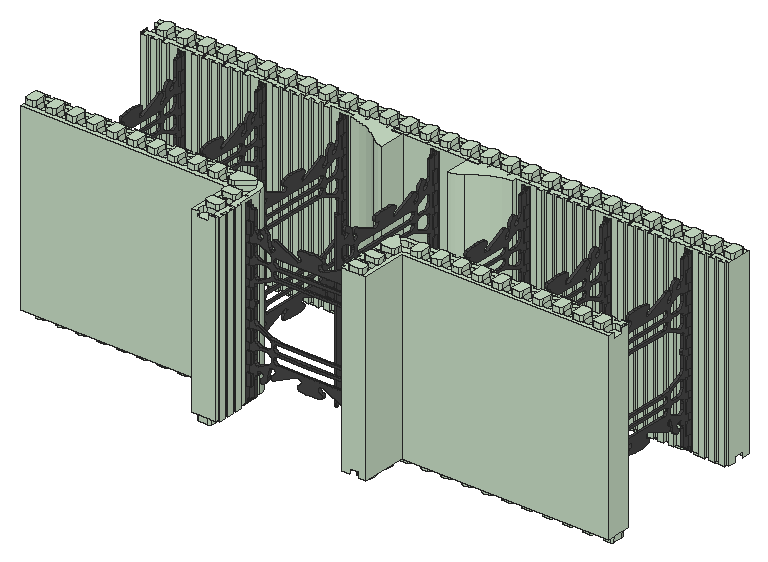
Revit family (continued)
Definition of nested family "NUDURA Diamond Pattern Missing Left Line"
  Lines and regions (in)
    model lines
      curve 77: line (4.54562, -5.625, 11.42678) -> (4.17062, -5.625, 11.80178)
      curve 78: arc (3.69709, -5.625, 10.35858) -> (3.75567, -5.625, 10.5) -> (3.69709, -5.625, 10.64142) r 0.2
      curve 79: line (4.634, -5.625, 10.01517) -> (4.29059, -5.625, 10.35858)
      curve 80: arc (4.634, -5.625, 9.48484) -> (4.74384, -5.625, 9.75) -> (4.634, -5.625, 10.01517) r 0.375
      curve 81: line (4.29059, -5.625, 9.14142) -> (4.634, -5.625, 9.48484)
      curve 82: line (3.35367, -5.625, 9.48484) -> (3.69709, -5.625, 9.14142)
      curve 83: arc (3.35367, -5.625, 10.01517) -> (3.24384, -5.625, 9.75) -> (3.35367, -5.625, 9.48484) r 0.375
      curve 84: line (3.69709, -5.625, 10.35858) -> (3.35367, -5.625, 10.01517)
      curve 85: arc (4.17062, -5.625, 10.30178) -> (3.99384, -5.625, 10.375) -> (3.81706, -5.625, 10.30178) r 0.25
      curve 86: line (3.81706, -5.625, 10.30178) -> (3.44206, -5.625, 9.92678)
      curve 87: arc (3.44206, -5.625, 9.92678) -> (3.36884, -5.625, 9.75) -> (3.44206, -5.625, 9.57322) r 0.25
      curve 88: line (3.44206, -5.625, 9.57322) -> (3.81706, -5.625, 9.19822)
      curve 89: arc (3.81706, -5.625, 9.19822) -> (3.99384, -5.625, 9.125) -> (4.17062, -5.625, 9.19822) r 0.25
      curve 90: line (4.17062, -5.625, 9.19822) -> (4.54562, -5.625, 9.57322)
      curve 91: arc (4.54562, -5.625, 9.57322) -> (4.61884, -5.625, 9.75) -> (4.54562, -5.625, 9.92678) r 0.25
      curve 92: line (4.54562, -5.625, 9.92678) -> (4.17062, -5.625, 10.30178)
      curve 93: arc (3.69709, -5.625, 8.85858) -> (3.75567, -5.625, 9) -> (3.69709, -5.625, 9.14142) r 0.2
      curve 94: line (4.634, -5.625, 8.51517) -> (4.29059, -5.625, 8.85858)
      curve 95: arc (4.634, -5.625, 7.98484) -> (4.74384, -5.625, 8.25) -> (4.634, -5.625, 8.51517) r 0.375
      curve 96: line (4.29059, -5.625, 7.64142) -> (4.634, -5.625, 7.98484)
      curve 97: line (3.35367, -5.625, 7.98484) -> (3.69709, -5.625, 7.64142)
      curve 98: arc (3.35367, -5.625, 8.51517) -> (3.24384, -5.625, 8.25) -> (3.35367, -5.625, 7.98484) r 0.375
      curve 99: line (3.69709, -5.625, 8.85858) -> (3.35367, -5.625, 8.51517)
      curve 100: arc (4.17062, -5.625, 8.80178) -> (3.99384, -5.625, 8.875) -> (3.81706, -5.625, 8.80178) r 0.25
      curve 101: line (3.81706, -5.625, 8.80178) -> (3.44206, -5.625, 8.42678)
      curve 102: arc (3.44206, -5.625, 8.42678) -> (3.36884, -5.625, 8.25) -> (3.44206, -5.625, 8.07322) r 0.25
      curve 103: line (3.44206, -5.625, 8.07322) -> (3.81706, -5.625, 7.69822)
      curve 104: arc (3.81706, -5.625, 7.69822) -> (3.99384, -5.625, 7.625) -> (4.17062, -5.625, 7.69822) r 0.25
      curve 105: line (4.17062, -5.625, 7.69822) -> (4.54562, -5.625, 8.07322)
      curve 106: arc (4.54562, -5.625, 8.07322) -> (4.61884, -5.625, 8.25) -> (4.54562, -5.625, 8.42678) r 0.25
      curve 107: line (4.54562, -5.625, 8.42678) -> (4.17062, -5.625, 8.80178)
      curve 108: arc (3.69709, -5.625, 7.35858) -> (3.75567, -5.625, 7.5) -> (3.69709, -5.625, 7.64142) r 0.2
      curve 109: line (4.634, -5.625, 7.01517) -> (4.29059, -5.625, 7.35858)
      curve 110: arc (4.634, -5.625, 6.48484) -> (4.74384, -5.625, 6.75) -> (4.634, -5.625, 7.01517) r 0.375
      curve 111: line (4.29059, -5.625, 6.14142) -> (4.634, -5.625, 6.48484)
      curve 112: line (3.35367, -5.625, 6.48484) -> (3.69709, -5.625, 6.14142)
      curve 113: arc (3.35367, -5.625, 7.01517) -> (3.24384, -5.625, 6.75) -> (3.35367, -5.625, 6.48484) r 0.375
      curve 114: line (3.69709, -5.625, 7.35858) -> (3.35367, -5.625, 7.01517)
      curve 115: arc (4.17062, -5.625, 7.30178) -> (3.99384, -5.625, 7.375) -> (3.81706, -5.625, 7.30178) r 0.25
      curve 116: line (3.81706, -5.625, 7.30178) -> (3.44206, -5.625, 6.92678)
      curve 117: arc (3.44206, -5.625, 6.92678) -> (3.36884, -5.625, 6.75) -> (3.44206, -5.625, 6.57322) r 0.25
      curve 118: line (3.44206, -5.625, 6.57322) -> (3.81706, -5.625, 6.19822)
      curve 119: arc (3.81706, -5.625, 6.19822) -> (3.99384, -5.625, 6.125) -> (4.17062, -5.625, 6.19822) r 0.25
      curve 120: line (4.17062, -5.625, 6.19822) -> (4.54562, -5.625, 6.57322)
      curve 121: arc (4.54562, -5.625, 6.57322) -> (4.61884, -5.625, 6.75) -> (4.54562, -5.625, 6.92678) r 0.25
      curve 122: line (4.54562, -5.625, 6.92678) -> (4.17062, -5.625, 7.30178)
      curve 123: arc (3.69709, -5.625, 5.85858) -> (3.75567, -5.625, 6) -> (3.69709, -5.625, 6.14142) r 0.2
      curve 124: line (4.634, -5.625, 5.51517) -> (4.29059, -5.625, 5.85858)
      curve 125: arc (4.634, -5.625, 4.98484) -> (4.74384, -5.625, 5.25) -> (4.634, -5.625, 5.51517) r 0.375
      curve 126: line (4.29059, -5.625, 4.64142) -> (4.634, -5.625, 4.98484)
      curve 127: line (3.35367, -5.625, 4.98484) -> (3.69709, -5.625, 4.64142)
      curve 128: arc (3.35367, -5.625, 5.51517) -> (3.24384, -5.625, 5.25) -> (3.35367, -5.625, 4.98484) r 0.375
      curve 129: line (3.69709, -5.625, 5.85858) -> (3.35367, -5.625, 5.51517)
      curve 130: arc (4.17062, -5.625, 5.80178) -> (3.99384, -5.625, 5.875) -> (3.81706, -5.625, 5.80178) r 0.25
      curve 131: line (3.81706, -5.625, 5.80178) -> (3.44206, -5.625, 5.42678)
      curve 132: arc (3.44206, -5.625, 5.42678) -> (3.36884, -5.625, 5.25) -> (3.44206, -5.625, 5.07322) r 0.25
      curve 133: line (3.44206, -5.625, 5.07322) -> (3.81706, -5.625, 4.69822)
      curve 134: arc (3.81706, -5.625, 4.69822) -> (3.99384, -5.625, 4.625) -> (4.17062, -5.625, 4.69822) r 0.25
      curve 135: line (4.17062, -5.625, 4.69822) -> (4.54562, -5.625, 5.07322)
      curve 136: arc (4.54562, -5.625, 5.07322) -> (4.61884, -5.625, 5.25) -> (4.54562, -5.625, 5.42678) r 0.25
      curve 137: line (4.54562, -5.625, 5.42678) -> (4.17062, -5.625, 5.80178)
      curve 138: arc (3.69709, -5.625, 4.35858) -> (3.75567, -5.625, 4.5) -> (3.69709, -5.625, 4.64142) r 0.2
      curve 139: line (4.634, -5.625, 4.01517) -> (4.29059, -5.625, 4.35858)
      curve 140: arc (4.634, -5.625, 3.48484) -> (4.74384, -5.625, 3.75) -> (4.634, -5.625, 4.01517) r 0.375
      curve 141: line (4.29059, -5.625, 3.14142) -> (4.634, -5.625, 3.48484)
      curve 142: line (3.35367, -5.625, 3.48484) -> (3.69709, -5.625, 3.14142)
      curve 143: arc (3.35367, -5.625, 4.01517) -> (3.24384, -5.625, 3.75) -> (3.35367, -5.625, 3.48484) r 0.375
      curve 144: line (3.69709, -5.625, 4.35858) -> (3.35367, -5.625, 4.01517)
      curve 145: arc (4.17062, -5.625, 4.30178) -> (3.99384, -5.625, 4.375) -> (3.81706, -5.625, 4.30178) r 0.25
      curve 146: line (3.81706, -5.625, 4.30178) -> (3.44206, -5.625, 3.92678)
      curve 147: arc (3.44206, -5.625, 3.92678) -> (3.36884, -5.625, 3.75) -> (3.44206, -5.625, 3.57322) r 0.25
      curve 148: line (3.44206, -5.625, 3.57322) -> (3.81706, -5.625, 3.19822)
      curve 149: arc (3.81706, -5.625, 3.19822) -> (3.99384, -5.625, 3.125) -> (4.17062, -5.625, 3.19822) r 0.25
      curve 150: line (4.17062, -5.625, 3.19822) -> (4.54562, -5.625, 3.57322)
      curve 151: arc (4.54562, -5.625, 3.57322) -> (4.61884, -5.625, 3.75) -> (4.54562, -5.625, 3.92678) r 0.25
      curve 152: line (4.54562, -5.625, 3.92678) -> (4.17062, -5.625, 4.30178)
      curve 153: arc (3.69709, -5.625, 2.85858) -> (3.75567, -5.625, 3) -> (3.69709, -5.625, 3.14142) r 0.2
      curve 154: line (4.634, -5.625, 2.51517) -> (4.29059, -5.625, 2.85858)
      curve 155: arc (4.634, -5.625, 1.98484) -> (4.74384, -5.625, 2.25) -> (4.634, -5.625, 2.51517) r 0.375
      curve 156: line (4.29059, -5.625, 1.64142) -> (4.634, -5.625, 1.98484)
      curve 157: line (3.35367, -5.625, 1.98484) -> (3.69709, -5.625, 1.64142)
      curve 158: arc (3.35367, -5.625, 2.51517) -> (3.24384, -5.625, 2.25) -> (3.35367, -5.625, 1.98484) r 0.375
      curve 159: line (3.69709, -5.625, 2.85858) -> (3.35367, -5.625, 2.51517)
      curve 160: arc (4.17062, -5.625, 2.80178) -> (3.99384, -5.625, 2.875) -> (3.81706, -5.625, 2.80178) r 0.25
      curve 161: line (3.81706, -5.625, 2.80178) -> (3.44206, -5.625, 2.42678)
      curve 162: arc (3.44206, -5.625, 2.42678) -> (3.36884, -5.625, 2.25) -> (3.44206, -5.625, 2.07322) r 0.25
      curve 163: line (3.44206, -5.625, 2.07322) -> (3.81706, -5.625, 1.69822)
      curve 164: arc (3.81706, -5.625, 1.69822) -> (3.99384, -5.625, 1.625) -> (4.17062, -5.625, 1.69822) r 0.25
      curve 165: line (4.17062, -5.625, 1.69822) -> (4.54562, -5.625, 2.07322)
      curve 166: arc (4.54562, -5.625, 2.07322) -> (4.61884, -5.625, 2.25) -> (4.54562, -5.625, 2.42678) r 0.25
      curve 167: line (4.54562, -5.625, 2.42678) -> (4.17062, -5.625, 2.80178)
      curve 168: arc (3.69709, -5.625, 1.35858) -> (3.75567, -5.625, 1.5) -> (3.69709, -5.625, 1.64142) r 0.2
      curve 169: line (3.69709, -5.625, 1.35858) -> (3.35367, -5.625, 1.01517)
      curve 170: arc (3.35367, -5.625, 1.01517) -> (3.24384, -5.625, 0.75) -> (3.35367, -5.625, 0.48484) r 0.375
      curve 171: line (3.35367, -5.625, 0.48484) -> (3.72867, -5.625, 0.10984)
      curve 172: arc (3.72867, -5.625, 0.10984) -> (3.99384, -5.625, 0) -> (4.259, -5.625, 0.10984) r 0.375
      curve 173: line (4.259, -5.625, 0.10984) -> (4.634, -5.625, 0.48484)
      curve 174: arc (4.634, -5.625, 0.48484) -> (4.74384, -5.625, 0.75) -> (4.634, -5.625, 1.01517) r 0.375
      curve 175: line (4.634, -5.625, 1.01517) -> (4.29059, -5.625, 1.35858)
      curve 176: arc (4.29059, -5.625, 1.64142) -> (4.23201, -5.625, 1.5) -> (4.29059, -5.625, 1.35858) r 0.2
      curve 177: arc (4.17062, -5.625, 1.30178) -> (3.99384, -5.625, 1.375) -> (3.81706, -5.625, 1.30178) r 0.25
      curve 178: line (4.54562, -5.625, 0.92678) -> (4.17062, -5.625, 1.30178)
      curve 179: arc (4.54562, -5.625, 0.57322) -> (4.61884, -5.625, 0.75) -> (4.54562, -5.625, 0.92678) r 0.25
      curve 180: line (4.17062, -5.625, 0.19822) -> (4.54562, -5.625, 0.57322)
      curve 181: arc (3.81706, -5.625, 0.19822) -> (3.99384, -5.625, 0.125) -> (4.17062, -5.625, 0.19822) r 0.25
      curve 182: line (3.44206, -5.625, 0.57322) -> (3.81706, -5.625, 0.19822)
      curve 183: arc (3.44206, -5.625, 0.92678) -> (3.36884, -5.625, 0.75) -> (3.44206, -5.625, 0.57322) r 0.25
      curve 184: line (3.81706, -5.625, 1.30178) -> (3.44206, -5.625, 0.92678)
      curve 185: arc (4.29059, -5.625, 3.14142) -> (4.23201, -5.625, 3) -> (4.29059, -5.625, 2.85858) r 0.2
      curve 186: arc (4.29059, -5.625, 4.64142) -> (4.23201, -5.625, 4.5) -> (4.29059, -5.625, 4.35858) r 0.2
      curve 187: arc (4.29059, -5.625, 6.14142) -> (4.23201, -5.625, 6) -> (4.29059, -5.625, 5.85858) r 0.2
      curve 188: arc (4.29059, -5.625, 7.64142) -> (4.23201, -5.625, 7.5) -> (4.29059, -5.625, 7.35858) r 0.2
      curve 189: arc (4.29059, -5.625, 9.14142) -> (4.23201, -5.625, 9) -> (4.29059, -5.625, 8.85858) r 0.2
      curve 190: arc (4.29059, -5.625, 10.64142) -> (4.23201, -5.625, 10.5) -> (4.29059, -5.625, 10.35858) r 0.2
      curve 191: arc (4.29059, -5.625, 12.14142) -> (4.23201, -5.625, 12) -> (4.29059, -5.625, 11.85858) r 0.2
      curve 192: arc (4.29059, -5.625, 13.64142) -> (4.23201, -5.625, 13.5) -> (4.29059, -5.625, 13.35858) r 0.2
      curve 193: arc (4.29059, -5.625, 15.14142) -> (4.23201, -5.625, 15) -> (4.29059, -5.625, 14.85858) r 0.2
      curve 194: arc (4.29059, -5.625, 16.64142) -> (4.23201, -5.625, 16.5) -> (4.29059, -5.625, 16.35858) r 0.2
